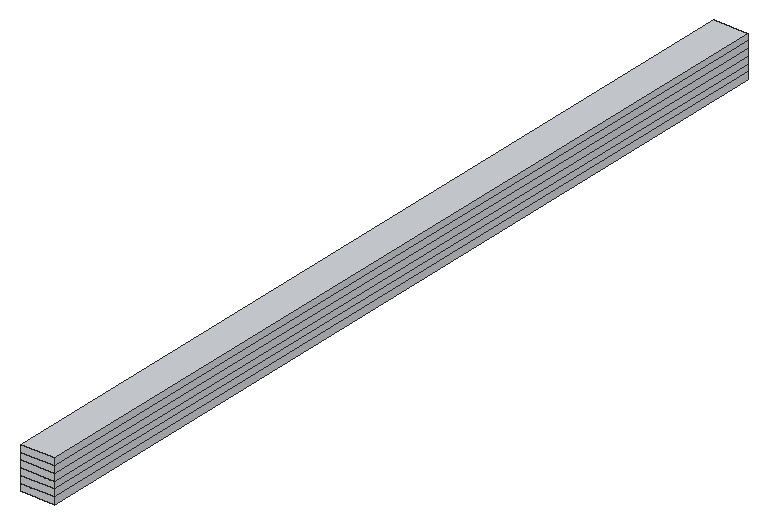
Revit family
Parameters
  c_trave_base [instance] = 20 cm
  c_lamella_spessore [instance] = 4 cm
  c_Trave_lunghezza [instance] = 500 cm
  Trave_lunghezza [instance] = 500 cm
  Lamella_spessore [instance] = 4 cm
  Default Elevation = 121.92 cm
Reference planes (cm)
  plane 1 "Center (Front/Back)": y = 0
  plane 2: z = 0
  plane 3 "Center (Left/Right)": x = 0
  plane 4: z = 36.3764
  plane 5: z = 40.3764
  plane 6: z = 44.3764
  plane 7: z = 48.3764
  plane 8: z = 52.3764
  plane 9: z = 56.3764
  plane 10: z = 60.3764
  plane 11: x = 47.5984
  plane 12: x = 67.5984
  plane 13: y = -500
Forms (cm)
  Extrusion 1, solid
    sketch origin (0, 0, 0) x (1, 0, 0) y (0, 0, 1)
      loop
        line (47.5984, 36.3764) -> (67.5984, 36.3764) -> (67.5984, 40.3764) -> (47.5984, 40.3764) -> (47.5984, 36.3764)
    from 0 to 500
  Extrusion 2, solid
    sketch origin (0, 0, 8) x (1, 0, 0) y (0, 0, 1)
      loop
        line (47.5984, 32.3764) -> (67.5984, 32.3764) -> (67.5984, 36.3764) -> (47.5984, 36.3764) -> (47.5984, 32.3764)
    from 0 to 500
  Extrusion 3, solid
    sketch origin (0, 0, 16) x (1, 0, 0) y (0, 0, 1)
      loop
        line (47.5984, 28.3764) -> (67.5984, 28.3764) -> (67.5984, 32.3764) -> (47.5984, 32.3764) -> (47.5984, 28.3764)
    from 0 to 500
  Extrusion 4, solid
    sketch origin (0, 0, 26) x (1, 0, 0) y (0, 0, 1)
      loop
        line (47.5984, 22.3764) -> (67.5984, 22.3764) -> (67.5984, 26.3764) -> (47.5984, 26.3764) -> (47.5984, 22.3764)
    from 0 to 500
  Extrusion 5, solid
    sketch origin (0, 0, 34) x (1, 0, 0) y (0, 0, 1)
      loop
        line (47.5984, 18.3764) -> (67.5984, 18.3764) -> (67.5984, 22.3764) -> (47.5984, 22.3764) -> (47.5984, 18.3764)
    from 0 to 500
  Extrusion 6, solid
    sketch origin (0, 0, 42) x (1, 0, 0) y (0, 0, 1)
      loop
        line (47.5984, 14.3764) -> (67.5984, 14.3764) -> (67.5984, 18.3764) -> (47.5984, 18.3764) -> (47.5984, 14.3764)
    from 0 to 500
Dimensions and locks (cm)
  "c_trave_base": plane 11 to plane 12
  "c_lamella_spessore": plane 5 to plane 4
  "c_lamella_spessore": plane 6 to plane 5
  "c_lamella_spessore": plane 7 to plane 6
  "c_lamella_spessore": plane 8 to plane 7
  "c_lamella_spessore": plane 9 to plane 8
  "c_lamella_spessore": plane 10 to plane 9
  "c_Trave_lunghezza": plane 1 "Center (Front/Back)" to plane 13
  aligned and locked: plane 5 to Extrusion 1 sketch curve
  aligned and locked: plane 11 to Extrusion 1 sketch curve
  aligned and locked: Extrusion 1 sketch curve to plane 4
  aligned and locked: Extrusion 1 sketch curve to plane 12
  aligned and locked: plane 7 to Extrusion 3
  aligned and locked: Extrusion 3 to plane 6
  aligned and locked: Extrusion 6 to plane 13
  aligned and locked: Extrusion 3 to Extrusion 4
  aligned and locked: Extrusion 2 to Extrusion 3
  aligned and locked: Extrusion 1 to Extrusion 2
  aligned and locked: Extrusion 2 to Extrusion 6
  aligned and locked: Extrusion 1 to Extrusion 5
Automatic sketch dimensions
  Extrusion 2 sketch curve to plane 6 = 0 cm
  Extrusion 2 sketch curve to plane 11 = 0 cm
  Extrusion 2 sketch curve to plane 12 = 0 cm
  Extrusion 2 sketch curve to plane 5 = 0 cm
  Extrusion 3 sketch curve to plane 11 = 0 cm
  Extrusion 3 sketch curve to plane 12 = 0 cm
  plane 6 to Extrusion 3 sketch curve = 0 cm
  Extrusion 3 sketch curve to plane 7 = 0 cm
  Extrusion 4 sketch curve to plane 8 = 0 cm
  Extrusion 4 sketch curve to plane 11 = 0 cm
  Extrusion 4 sketch curve to plane 12 = 0 cm
  Extrusion 4 sketch curve to plane 7 = 0 cm
  Extrusion 5 sketch curve to plane 9 = 0 cm
  Extrusion 5 sketch curve to plane 11 = 0 cm
  Extrusion 5 sketch curve to plane 12 = 0 cm
  Extrusion 5 sketch curve to plane 8 = 0 cm
  Extrusion 6 sketch curve to plane 10 = 0 cm
  Extrusion 6 sketch curve to plane 11 = 0 cm
  Extrusion 6 sketch curve to plane 12 = 0 cm
  Extrusion 6 sketch curve to plane 9 = 0 cm
